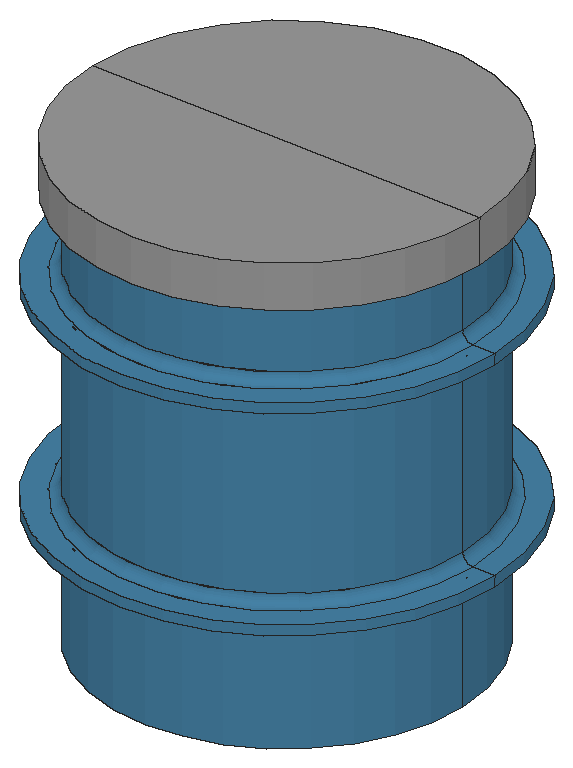
Revit family "Cleanout_Housing-Zurn-Z1474-Heavy-Duty", category Plumbing Fixtures, Revit 2022
Family settings
  Round Connector Dimension = Use Radius
  Part Type = Normal
  OmniClass Number = 23.45.55.21
  OmniClass Title = Drains (Wastes)
  Work Plane-Based = No
  Always vertical = Yes
  Cut with Voids When Loaded = No
  Maintain Annotation Orientation = No
  Shared = No
  Room Calculation Point = No
Parameters (values of type "ZN1474")
  ZN-Top = yes
  Waste Connection = 1 = 1  # yes
  WFU = 0  # constant formula
  Vent Connection = 1 = 0  # no
  URL = "www.zurn.com"
  Type Comments = ""
  Trap Primer = 1 = 1  # yes
  Top diameter = 9.750"
  Grate Material = Bronze - Zurn - Polished Nickel
  Product data url = "https://www.bimobject.com/en-in/zurnindustries/product/zurn-z1474"
  Product Page URL = "https://www.zurn.com/products/drainage-interceptors/cleanouts/cleanouts/z1474"
  Product Documentation Link = "https://files.zurn.com/spec-sheets/z1474.pdf"
  Frame Height = 2.750"
  Connector Radius = [A_ Pipe Size (Actual-Inner)] / 2  # 4.1875"
  Model = "ZN1474"
  Main Material = Iron - Zurn - Cast - Painted - Blue
  HWFU = 0  # constant formula
  HW Connection = 1 = 0  # no
  Description = "HEAVY DUTY CLEANOUT HOUSING"  # constant formula
  CWFU = 0  # constant formula
  CW Connection = 1 = 0  # no
  Assembly Code = "D2030300"
  A_ Pipe Size (Actual-Outer) = 8.875"
  A_ Pipe Size (Actual-Inner) = 8.375"
  Modified Date = "12/16/2025"  # constant formula
  Manufacurer Brand = "Zurn"  # constant formula
  Manufacturer = "Zurn Water, LLC"  # constant formula
  E_ Body Height = 11.188"
  Default Elevation = 4.000"  # constant formula
  Date Created = "11/13/2018"  # constant formula
  Approx. Weight (Lbs) = 38.000"
Types (2): name | ZN-Top | Top diameter | Grate Material | Model | E_ Body Height
  Z1474 | no | 9.000" | Iron - Zurn - Cast - Painted - Blue | "Z1474" | 11.000"
  ZN1474 | yes | 9.750" | Bronze - Zurn - Polished Nickel | "ZN1474" | 11.188"
Reference planes (in)
  plane 1 "Center (Front/Back)": y = 0
  plane 2 "Top Level": z = -2.938
  plane 3 "Center (Left/Right)": x = 0
  plane 4: through (-4.38902, 4.38902, 48) normal (0.7071, 0.7071, 0)
  plane 5: through (4.7432, 4.7432, 48) normal (0.7071, -0.7071, 0)
  plane 6: x = -4.4375
  plane 7: x = 4.4375
  plane 8: x = -4.1875
  plane 9: x = 4.1875
  plane 10: z = -7.938
  plane 11: z = -8.188
  plane 12: z = -11.188
  plane 13: z = -3.188
  plane 14: y = 4.4375
  plane 15: y = -4.4375
  plane 16: x = -4.5
  plane 17: x = 4.5
  plane 18: z = -0.188
  plane 19: x = -5.25
  plane 20: x = 5.25
Forms (in)
  Revolve 1, solid, material "Iron - Zurn - Cast - Painted - Blue" <- "Main Material", detail levels fine
    sketch origin (0, 0, 0) x (1, 0, 0) y (0, 0, 1)
      loop
        line (-0.9375, -0.313) -> (-0.9375, -0.188) -> (-4.5, -0.188) -> (-4.5, -0.813) -> (-4.4625, -0.813)
        arc (-4.4625, -0.813) -> (-4.44482, -0.82032) -> (-4.4375, -0.838) r 0.025
        line (-4.4375, -0.838) -> (-4.4375, -2.688)
        arc (-4.4375, -2.688) -> (-4.51072, -2.86478) -> (-4.6875, -2.938) r 0.25
        line (-4.6875, -2.938) -> (-5.25, -2.938) -> (-5.25, -3.188) -> (-4.6875, -3.188)
        arc (-4.6875, -3.188) -> (-4.51072, -3.26122) -> (-4.4375, -3.438) r 0.25
        line (-4.4375, -3.438) -> (-4.4375, -7.688)
        arc (-4.4375, -7.688) -> (-4.51072, -7.86478) -> (-4.6875, -7.938) r 0.25
        line (-4.6875, -7.938) -> (-5.25, -7.938) -> (-5.25, -8.188) -> (-4.6875, -8.188)
        arc (-4.6875, -8.188) -> (-4.51072, -8.26122) -> (-4.4375, -8.438) r 0.25
        line (-4.4375, -8.438) -> (-4.4375, -11.188) -> (-4.1875, -11.188) -> (-4.1875, -0.813) -> (0, -0.813) -> (0, -0.438) -> (-0.8125, -0.438)
        arc (-0.8125, -0.438) -> (-0.90089, -0.40139) -> (-0.9375, -0.313) r 0.125
      axis (0, -11.188) -> (0, -0.188)
    angle from 0 to 360
  Revolve 2, solid, material "Bronze - Zurn - Polished Nickel" <- "Grate Material", visible <- "ZN-Top", detail levels fine
    sketch origin (0, 0, 0) x (1, 0, 0) y (0, 0, 1)
      loop
        line (0, -0.0005) -> (-4.875, -0.0005) -> (-4.875, -1.063) -> (-4.5, -1.063) -> (-4.5, -0.188) -> (0, -0.188) -> (0, -0.0005)
      axis (0, -0.0005) -> (0, -1.063)
    angle from 0 to 360
Lines and regions (in)
  Masking region 1, detail levels fine
    outline origin (0, 0, 0) x (1, 0, 0) y (0, 1, 0)
      loop
        circle (0, 0) r 5.25
  model lines, detail levels coarse+medium
    curve 1: line (0, 0, 0) -> (0, 0, -11.188)
    curve 2: line (-4.4375, 0, -11.188) -> (4.4375, 0, -11.188)
    curve 3: line (0, 4.4375, -11.188) -> (0, -4.4375, -11.188)
    curve 4: circle (0, 0, 0) r 4.875 normal (0, 0, 1)
Dimensions and locks (in)
  locked: plane 3 "Center (Left/Right)" to plane 4
  locked: plane 5 to plane 4
  level to plane 2 "Top Level" = 2.938"
  equal spacing: plane 6, plane 3 "Center (Left/Right)", plane 7
  "A_ Pipe Size (Actual-Outer)": plane 6 to plane 7
  equal spacing: plane 9, plane 3 "Center (Left/Right)", plane 8
  "A_ Pipe Size (Actual-Inner)": plane 9 to plane 8
  locked: plane 10 to plane 11 at 0.25
  locked: plane 2 "Top Level" to plane 13 at 0.25
  "A_ Pipe Size (Actual-Outer)": plane 14 to plane 15
  equal spacing: plane 14, plane 1 "Center (Front/Back)", plane 15
  equal spacing: plane 17, plane 3 "Center (Left/Right)", plane 16
  locked: plane 18 to plane 2 "Top Level" at 2.75
  locked: plane 18 to plane 10 at 7.75
  "E_ Body Height": level to plane 12
  locked: plane 18 to plane 12 at 11
  equal spacing: plane 20, plane 3 "Center (Left/Right)", plane 19, locked at 5.25 each
  locked: plane 20 to plane 19 at 10.5
  locked: plane 17 to plane 16 at 9
  locked: plane 3 "Center (Left/Right)" to Revolve 1 sketch curve at 0.9375
  locked: plane 18 to Revolve 1 sketch curve at 0.25
  locked: plane 18 to Revolve 1 sketch curve at 0.625
  locked: Revolve 2 sketch curve to Revolve 2 sketch curve at 0.375
  locked: Revolve 2 sketch curve to Revolve 2 sketch curve at 0.1875
  locked: plane 18 to Revolve 2 sketch curve at 0.875
  "Top diameter": diameter of curve 4
  aligned and locked: plane 6 to curve 2
  aligned and locked: plane 7 to curve 2
  aligned and locked: curve 2 to plane 12
  aligned and locked: level to curve 1
  aligned and locked: plane 12 to curve 1
  aligned and locked: curve 1 to plane 3 "Center (Left/Right)"
  aligned and locked: plane 14 to curve 3
  aligned and locked: plane 15 to curve 3
  aligned and locked: curve 3 to plane 12
  aligned and locked: plane 3 "Center (Left/Right)" to Masking region 1 sketch curve
  aligned and locked: plane 1 "Center (Front/Back)" to Masking region 1 sketch curve
  aligned and locked: Revolve 1 sketch curve to curve 1
  aligned and locked: Revolve 1 sketch curve to plane 19  (x2)
  aligned and locked: Revolve 1 sketch curve to plane 13
  aligned and locked: plane 2 "Top Level" to Revolve 1 sketch curve
  aligned and locked: Revolve 1 sketch curve to plane 16
  aligned and locked: Revolve 1 sketch curve to plane 11
  aligned and locked: plane 10 to Revolve 1 sketch curve
  aligned and locked: plane 6 to Revolve 1 sketch curve
  aligned and locked: Revolve 1 sketch curve to plane 6  (x2)
  aligned and locked: plane 8 to Revolve 1 sketch curve
  aligned and locked: Revolve 1 sketch curve to plane 12
  aligned and locked: plane 18 to Revolve 1 sketch curve
  aligned and locked: plane 3 "Center (Left/Right)" to Revolve 1 sketch curve
  aligned and locked: Revolve 1 sketch curve to Revolve 1 sketch curve
  aligned and locked: Revolve 2 sketch curve to plane 18
  aligned and locked: plane 16 to Revolve 2 sketch curve
  aligned and locked: plane 3 "Center (Left/Right)" to Revolve 2 sketch curve
  aligned and locked: Revolve 2 sketch curve to Revolve 2 sketch curve  (x2)
  aligned and locked: plane 1 "Center (Front/Back)" to curve 4
  aligned and locked: plane 3 "Center (Left/Right)" to curve 4
Automatic sketch dimensions
  Revolve 1 sketch curve to plane 12 = 0.000"
  Revolve 1 sketch curve to level = 0.000"
  Revolve 1 sketch curve to plane 16 = 0.1875"  (x4)
  plane 6 to Revolve 1 sketch curve = 0.025"
  Revolve 1 sketch curve to Revolve 1 sketch curve = 0.125"
  Revolve 2 sketch curve to plane 12 = 0.000"
  radius of Masking region 1 sketch curve = 5.250"
Connectors (in)
  piping at (0, 0, -11.188), diameter 8.375, driven by "Connector Radius", driven by "Waste Connection"
    settings: on Revolve 1, index 1, connector inside diameter 24", connector length 0.000", flow factor 0, pipe flow 0 GPM, pressure drop 0.00 psi, fitting loss kfactor 0, connector angle 0.00°, fixture units 0, engagement length 0.000", angle of deflection 0.00°, flow configuration 0, flow direction 2, fitting loss method 0, system type 16, joint type 0, gender type 0, connector reference index -1, connector utility 1, adjustable connector no, is connector primary yes, connector description "Sanitary Outlet"
